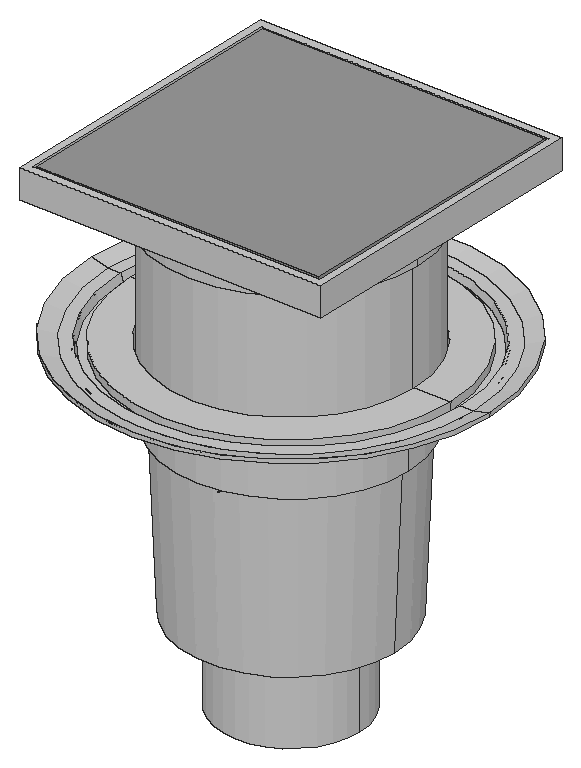
Revit family "HL_Дворовый трап серии Perfekt_HL616W", category Instalační zařizovací předměty, Revit 2016
Family settings
  Typ součásti = Normální
  Kóta kulaté spojky = Použít průměr
  Číslo OmniClass = 23.70.50.21.24.14
  Nadpis OmniClass = Deck Waste Water Drains
  Založené na pracovní rovině = Ne
  Vždy vertikální = Ano
  Ořezat dutým tvarem při načtení = Ne
  Sdílené = Ne
  Bod výpočtu místnosti = Ano
Parameters (values of type "HL_Дворовый трап серии Perfekt_HL616W_1")
  РЕШЁТКА = "Gusseisen 226 x 226 mm"
  РАЗМЕР = "DN110"
  ПРОПУСКНАЯ СПОСОБНОСТЬ [instance] = 0.0 L/s
  ПРОИЗВОДИТЕЛЬНОСТЬ = "2,1 l/s"
  ПРАВОВАЯ ИНФОРМАЦИЯ = "\"Авторские права(©), права на дизайн или какие либо другие права интелектуальной собственности являются исключительной собственностью компании HL Hutterer & Lechner. Изменению не подлежит. Файл семейства с данными о прозводителе изделия защищен паролем с водяным знаком.\""
  НОМИНАЛЬНЫЙ ДИАМЕТР = 110 mm
  НАСАДКА = "42-130 mm/240 x 240 mm"
  МАТЕРИАЛ = "PP"
  МАКСИМАЛЬНАЯ НАГРУЗКА КЛАССА = "L - 1,5 t"
  ВЫСОТА МОНТАЖА = "239 mm"
  ВЕС = "7,38 kg"
  Výrobce = "HL Hutterer & Lechner GmbH"
  URL = "http://www.hutterer-lechner.com/ru/products/catalog/roof-drains/HL616W/1.aspx"
  Материал плитка [instance] = none
  Připojení ventilace = no
  Připojení odpadu = yes
  Připojení HW = no
  Připojení CW = no
  Popis = "Дворовый трап серии Perfekt DN110 вертикальный"
  Model = "HL616W/1"
  Assembly Code = " "
  Komentáře k typům = "Дворовый трап серии Perfekt DN110 вертикальный с обжимным фланцем, 240х240мм ПП/226х226мм чугун с водяным затвором."
  Keynote = "HL616W/1"
  IH [instance] = Высота монтажа 1 + Высота монтажа 2  # 130 mm
  Высота монтажа 2 [instance] = 0 mm
  Высота монтажа 1 [instance] = 130 mm
  G [instance] = 180.00°  # constant formula
  EAN = "9003076011315"
  D [instance] = IH + 165 mm  # 295 mm
  C [instance] = if(IH - 68 mm < 0 mm, 0 mm, IH - 68 mm)  # 62 mm
  B [instance] = 100 mm
  A [instance] = if(B - 100 mm > 15 mm, B - 100 mm, 15 mm)  # 15 mm
Types (3, lengths in mm): name | РАЗМЕР | НОМИНАЛЬНЫЙ ДИАМЕТР | ВЕС | URL | Popis | Model | Komentáře k typům | Keynote | EAN
  (no name) | "DN110" | 110 | "7,38 kg" | "http://www.hutterer-lechner.com/en/products/catalog/roof-drains/HL616W/1.aspx" | 0 | "HL616W/1" | "perfect-drain DN110 vertical with flange, 240x240mm plastic/226x226mm cast iron with trap seal" | "HL616W/1" | "9003076011315"
  HL_Дворовый трап серии Perfekt_HL616W_1 | "DN110" | 110 | "7,38 kg" | "http://www.hutterer-lechner.com/ru/products/catalog/roof-drains/HL616W/1.aspx" | "Дворовый трап серии Perfekt DN110 вертикальный" | "HL616W/1" | "Дворовый трап серии Perfekt DN110 вертикальный с обжимным фланцем, 240х240мм ПП/226х226мм чугун с водяным затвором." | "HL616W/1" | "9003076011315"
  HL_Дворовый трап серии Perfekt_HL616W_5 | "DN160" | 160 | "7,386 kg" | "http://www.hutterer-lechner.com/ru/products/catalog/roof-drains/HL616W/5.aspx" | "Дворовый трап серии Perfekt DN160 вертикальный" | "HL616W/5" | "Дворовый трап серии Perfekt DN160 вертикальный с обжимным фланцем, 240х240мм ПП/226х226мм чугун с водяным затвором." | "HL616W/5" | "9003076011339"
Values of the unnamed type that differ from the named types
  ПРАВОВАЯ ИНФОРМАЦИЯ = "\"Copyright (©), design rights or any other intellectual property rights, shall be the exclusive property of HL Hutterer & Lechner GmbH. Modification is not allowed. Family has been watermarked.\""
Reference planes
  plane 1 "Center (Front/Back)": y = 0
  plane 2: z = 0
  plane 3 "Center (Left/Right)": x = 0
  plane 4: z = -100
  plane 5: z = -130
  plane 6: z = -130
Lines and regions (mm)
  model lines, style "InvisibleLines"
    curve 1: line (0, 0, 0) -> (0, 0, 20)
  model lines, style "PlumbingFixtures", detail levels coarse+medium
    curve 2: line (0, 0, -100) -> (0, 0, -85)
    curve 3: line (0, 0, -85) -> (-85, 0, 0)
    curve 4: line (0, 0, -85) -> (85, 0, 0)
    curve 6: line (0, 0, -100) -> (0, 0, -395)
  reference lines, not visible
    curve 5: line (0, 0, -100) -> (0, 0, -395)
  symbolic lines, style "PlumbingFixtures", detail levels coarse+medium
    curve 7: line (-75, 75, 0) -> (75, 75, 0)
    curve 8: line (-75, -75, 0) -> (-75, 75, 0)
    curve 9: line (75, -75, 0) -> (-75, -75, 0)
    curve 10: line (75, 75, 0) -> (75, -75, 0)
    curve 11: line (-75, 75, 0) -> (-145.711, 145.711, 0)
    curve 12: line (75, 75, 0) -> (145.711, 145.711, 0)
    curve 13: line (-75, -75, 0) -> (-145.711, -145.711, 0)
    curve 14: line (75, -75, 0) -> (145.711, -145.711, 0)
  symbolic lines, style "PlumbingFixtures", not visible, detail levels coarse+medium
    curve 15: line (-75, 75, 0) -> (75, 75, 0)
    curve 16: line (-75, -75, 0) -> (-75, 75, 0)
    curve 17: line (75, -75, 0) -> (-75, -75, 0)
    curve 18: line (75, 75, 0) -> (75, -75, 0)
    curve 19: line (-75, 75, 0) -> (-145.711, 145.711, 0)
    curve 20: line (75, 75, 0) -> (145.711, 145.711, 0)
    curve 21: line (-75, -75, 0) -> (-145.711, -145.711, 0)
    curve 22: line (75, -75, 0) -> (145.711, -145.711, 0)
Text (mm)
  text "FLOOR" at (-162.344, 0, -10.979), in view "Слева"
Dimensions and locks
  "B": plane 2 to plane 4
  "IH": plane 2 to plane 5
  "A": curve 4 to plane 4
  "D": curve 5 to curve 5
  "D": curve 6 to curve 6
  "Высота монтажа 1": plane 2 to plane 6
  locked: curve 4 to plane 3 "Center (Left/Right)" (angle 45.00°)
  locked: plane 3 "Center (Left/Right)" to curve 3 (angle 45.00°)
  "G": angle curve 5 to plane 3 "Center (Left/Right)"
  aligned and locked: level to plane 2
  aligned and locked: plane 2 to curve 4
  aligned and locked: plane 2 to curve 3
  aligned and locked: plane 4 to curve 5
  aligned and locked: plane 3 "Center (Left/Right)" to curve 5
  aligned and locked: plane 4 to curve 2
  aligned and locked: plane 3 "Center (Left/Right)" to curve 6
  aligned and locked: plane 4 to curve 6
  aligned and locked: nested 1 to plane 3 "Center (Left/Right)"
  aligned and locked: nested 1 to plane 5
  aligned and locked: plane 3 "Center (Left/Right)" to nested 2
  aligned and locked: plane 2 to nested 2
  aligned and locked: plane 3 "Center (Left/Right)" to nested 3
  aligned and locked: nested 3 to nested 2
  aligned and locked: nested 4 to plane 3 "Center (Left/Right)"
  aligned and locked: nested 1 to nested 4
Automatic sketch dimensions
  curve 2 to plane 3 "Center (Left/Right)" = 0 mm
  curve 1 to plane 3 "Center (Left/Right)" = 0 mm
  curve 1 to level = 0 mm
  curve 1 to curve 1 = 20 mm
Nested families
  nested 1: "HL-кровельные воронки - корпус-HL616K" at (0, 0, -129.974), type "HL-кровельные воронки - корпус-HL616K_1"
  nested 2: "HL-Надставные элементы-HL621" at (0, 0, 0), Высота монтажа <- "Высота монтажа 1", type "HL-Надставные элементы-HL621"
    with Высота монтажа 130 mm, a 100 mm, Ihmin 42 mm, Ihmax 130 mm
  nested 3: "HL-Песколовка-HL0606.2E" at (0, 0, -22.999), type "HL-Песколовка-HL0606.2E"
  nested 4: "HL-Вкладыш запахозапирающий-HL0605.2E" at (0, 0, -190.474), type "HL-Вкладыш запахозапирающий-HL0605.2E"
Connectors
  piping at (0, 0, -395), diameter 110, driven by "ПРОПУСКНАЯ СПОСОБНОСТЬ", driven by "НОМИНАЛЬНЫЙ ДИАМЕТР"
    settings: on curve 5, index 1, connector inside diameter 609.6 mm, connector length 0 mm, flow factor 0, pipe flow 0.0 L/s, pressure drop 0.0 Pa, fitting loss kfactor 0, connector angle 0.00°, fixture units 0, engagement length 0 mm, angle of deflection 0.00°, flow configuration 1, flow direction 2, fitting loss method 0, system type 16, joint type 0, gender type 0, connector reference index -1, connector utility 0, adjustable connector yes, is connector primary yes, connector description ""
Definition of nested family "HL-кровельные воронки - корпус-HL616K"
  Parameters
    РАЗМЕР = ""
    ПРАВОВАЯ ИНФОРМАЦИЯ = ""
    НОМИНАЛЬНЫЙ ДИАМЕТР = 110 mm
    МАТЕРИАЛ = ""
    ВЫСОТА МОНТАЖА = ""
    ВЕС = ""
    a = if(НОМИНАЛЬНЫЙ ДИАМЕТР = 11 mm, 62 mm, 67 mm)  # 67 mm
    Height = 0 mm
    Manufacturer = ""
    URL = ""
    Description = ""
    ND = НОМИНАЛЬНЫЙ ДИАМЕТР / 2  # 55 mm
    Model = ""
    материал = none
    Type Comments = ""
    Keynote = ""
    EAN = ""
    Cost = 0
  Types (3, lengths in mm): name | РАЗМЕР | ПРАВОВАЯ ИНФОРМАЦИЯ | МАТЕРИАЛ | ВЫСОТА МОНТАЖА | ВЕС | Manufacturer | URL | Description | Model | Type Comments | Keynote | EAN
    (no name) | "" | "" | "" | "" | "" | "" | "" | "" | "" | "" | "" | ""
    HL-кровельные воронки - корпус-HL616K_1 | "DN110" | "\"Авторские права(©), права на дизайн или какие либо другие права интелектуальной собственности являются исключительной собственностью компании HL Hutterer & Lechner. Изменению не подлежит. Файл семейства с данными о прозводителе изделия защищен паролем с водяным знаком.\"" | "PP" | "197 mm" | "0,652 kg" | "HL Hutterer & Lechner GmbH" | "http://www.hutterer-lechner.com/ru/products/catalog/roof-drains/HL616K/1.aspx" | "Дворовый трап серии Perfekt DN110 вертикальный" | "HL616K/1" | "Корпус дворового трапа серии Perfekt DN110 вертикальный с обжимным фланцем." | "HL616K/1" | "9003076010639"
    HL-кровельные воронки - корпус-HL616K_5 | "DN160" | "\"Авторские права(©), права на дизайн или какие либо другие права интелектуальной собственности являются исключительной собственностью компании HL Hutterer & Lechner. Изменению не подлежит. Файл семейства с данными о прозводителе изделия защищен паролем с водяным знаком.\"" | "PP" | "197 mm" | "0,658 kg" | "HL Hutterer & Lechner GmbH" | "http://www.hutterer-lechner.com/ru/products/catalog/roof-drains/HL616K/5.aspx" | "Дворовый трап серии Perfekt DN160 вертикальный" | "HL616K/5" | "Корпус дворового трапа серии Perfekt DN160 вертикальный с обжимным фланцем." | "HL616K/5" | "9003076010677"
  Reference planes
    plane 1 "Střed (vpředu/vzadu)": y = 0
    plane 2: z = 0
    plane 3 "Střed (vlevo/vpravo)": x = 0
    plane 4: z = -198
  Forms (mm)
    Revolve 1, solid, material <- "материал", detail levels fine
      sketch origin (0, 0, 0) x (1, 0, 0) y (0, 0, 1)
        loop
          line (158.746, -0.026) -> (145.781, -3.5) -> (135.781, -3.5) -> (134.096, -9.367) -> (127.541, -9.367) -> (127.541, -3.5) -> (99.151, -3.5) -> (99.151, -25.5) -> (90, -25.5) -> (90, -60.5) -> (85.551, -60.5) -> (79.463, -194) -> (51.105, -194) -> (51.105, -198) -> (83.393, -198) -> (89.481, -64.5) -> (94.013, -64.5) -> (94.013, -34.2) -> (103.091, -34.2) -> (103.091, -12.303) -> (134.671, -12.303)
          arc (134.671, -12.303) -> (136.701, -11.463) -> (137.542, -9.433) r 2.871
          line (137.542, -9.433) -> (137.542, -6.409) -> (146.262, -6.409) -> (158.746, -3.064) -> (158.746, -0.026)
        axis (0, -198) -> (0, -0.026)
      angle from 0 to 360
    Revolve 2, solid, material <- "материал", detail levels fine
      sketch origin (0, 0, 0) x (1, 0, 0) y (0, 0, 1)
        loop
          line (0, -198) -> (0, -265) -> (55, -265) -> (55, -198) -> (0, -198)
        axis (0, -198) -> (0, -265)
      angle from 0 to 360
  Dimensions and locks
    locked: plane 2 to plane 4 at 198
    "ND": Revolve 2 sketch curve to plane 3 "Střed (vlevo/vpravo)"
    "a": plane 4 to Revolve 2 sketch curve
    aligned and locked: level to plane 2
  Automatic sketch dimensions
    Revolve 1 sketch curve to plane 3 "Střed (vlevo/vpravo)" = 0 mm
    Revolve 1 sketch curve to plane 4 = 0 mm
    plane 4 to Revolve 1 sketch curve = 4 mm
    plane 3 "Střed (vlevo/vpravo)" to Revolve 1 sketch curve = 51.105 mm
    Revolve 1 sketch curve to Revolve 1 sketch curve = 28.358 mm
    Revolve 1 sketch curve to Revolve 1 sketch curve = 3.93 mm  (x2)
    plane 3 "Střed (vlevo/vpravo)" to Revolve 1 sketch curve = 85.551 mm
    Revolve 1 sketch curve to Revolve 1 sketch curve = 0.519 mm
    Revolve 1 sketch curve to Revolve 1 sketch curve = 4.013 mm
    Revolve 1 sketch curve to level = 3.5 mm  (x2)
    Revolve 1 sketch curve to Revolve 1 sketch curve = 9.151 mm
    Revolve 1 sketch curve to Revolve 1 sketch curve = 3.941 mm
    Revolve 1 sketch curve to Revolve 1 sketch curve = 24.449 mm
    Revolve 1 sketch curve to Revolve 1 sketch curve = 6.555 mm
    Revolve 1 sketch curve to Revolve 1 sketch curve = 0.575 mm
    Revolve 1 sketch curve to Revolve 1 sketch curve = 1.11 mm
    Revolve 1 sketch curve to Revolve 1 sketch curve = 1.761 mm
    Revolve 1 sketch curve to Revolve 1 sketch curve = 8.239 mm
    Revolve 1 sketch curve to Revolve 1 sketch curve = 0.481 mm
    Revolve 1 sketch curve to level = 0.026 mm
    Revolve 1 sketch curve to Revolve 1 sketch curve = 12.965 mm
    Revolve 1 sketch curve to Revolve 1 sketch curve = 61 mm
    Revolve 1 sketch curve to Revolve 1 sketch curve = 4 mm
    Revolve 1 sketch curve to Revolve 1 sketch curve = 26.3 mm
    Revolve 1 sketch curve to Revolve 1 sketch curve = 8.7 mm
    Revolve 1 sketch curve to Revolve 1 sketch curve = 8.804 mm
    Revolve 1 sketch curve to Revolve 1 sketch curve = 0.066 mm
    Revolve 1 sketch curve to Revolve 1 sketch curve = 3.024 mm
    Revolve 1 sketch curve to Revolve 1 sketch curve = 3.038 mm
    level to Revolve 1 sketch curve = 9.5 mm
    Revolve 1 sketch curve to Revolve 1 sketch curve = 50 mm
    Revolve 2 sketch curve to plane 3 "Střed (vlevo/vpravo)" = 0 mm  (x2)
    Revolve 2 sketch curve to plane 4 = 0 mm
    Revolve 2 sketch curve to Revolve 2 sketch curve = 15 mm
    Revolve 2 sketch curve to Revolve 2 sketch curve = 25 mm
Definition of nested family "HL-Надставные элементы-HL621"
  Parameters (values of type "HL-Надставные элементы-HL621")
    РЕШЁТКА = "Gusseisen 226x226mm"
    РАЗМЕР = "d 195mm"
    ПРАВОВАЯ ИНФОРМАЦИЯ = "\"Авторские права(©), права на дизайн или какие либо другие права интелектуальной собственности являются исключительной собственностью компании HL Hutterer & Lechner. Изменению не подлежит. Файл семейства с данными о прозводителе изделия защищен паролем с водяным знаком.\""
    НАСАДКА = "240x240mm"
    МАТЕРИАЛ = "PP, Gusseisen"
    МАКСИМАЛЬНАЯ НАГРУЗКА КЛАССА = "L - 1,5 t"
    ВЫСОТА МОНТАЖА = "144 mm"
    ВЕС = "6,51 [kg]"
    a [instance] = if(Высота монтажа < Ihmin, -10 mm, if(Высота монтажа > Ihmax, -10 mm, Высота монтажа - 30 mm))  # 100 mm
    Manufacturer = "HL Hutterer & Lechner GmbH"
    URL = "http://www.hutterer-lechner.com/ru/products/catalog/roof-drains/HL621.aspx"
    Description = "Надставные элементы"
    Model = "HL621"
    материал 2 = none
    материал = none
    Type Comments = "Насадка d 195мм/240х240мм/226х226мм чугун"
    Keynote = "HL621"
    Высота монтажа [instance] = 130 mm
    Ihmin [instance] = 42 mm
    Ihmax [instance] = 130 mm
    EAN = "9003076014644"
    Cost = 0
  Values of the unnamed type that differ from the named types
    РЕШЁТКА = ""
    РАЗМЕР = ""
    ПРАВОВАЯ ИНФОРМАЦИЯ = ""
    НАСАДКА = ""
    МАТЕРИАЛ = ""
    МАКСИМАЛЬНАЯ НАГРУЗКА КЛАССА = ""
    ВЫСОТА МОНТАЖА = ""
    ВЕС = ""
    Manufacturer = ""
    URL = ""
    Description = ""
    Model = ""
    Type Comments = ""
    Keynote = ""
    EAN = ""
  Reference planes
    plane 1 "Střed (vpředu/vzadu)": y = 0
    plane 2: z = 0
    plane 3 "Střed (vlevo/vpravo)": x = 0
    plane 4: z = -45
    plane 5: z = -145
  Forms (mm)
    Extrusion 1, solid, material <- "материал", detail levels fine
      sketch origin (0, 0, 0) x (1, 0, 0) y (0, 1, 0)
        loop
          line (-112.5, 112.5) -> (-112.5, -112.5) -> (112.5, -112.5) -> (112.5, 112.5) -> (-112.5, 112.5)
      from 0 to -20
    Extrusion 2, solid, material <- "материал 2", detail levels fine
      sketch origin (0, 0, 0) x (1, 0, 0) y (0, 1, 0)
        loop
          line (114.5, -114.5) -> (114.5, 114.5) -> (-114.5, 114.5) -> (-114.5, -114.5) -> (114.5, -114.5)
        loop
          line (-120, 120) -> (-120, -120) -> (120, -120) -> (120, 120) -> (-120, 120)
      from 0 to -20
    Extrusion 3, solid, material <- "материал 2", detail levels fine
      sketch origin (0, 0, 0) x (1, 0, 0) y (0, 1, 0)
        loop
          line (120, -120) -> (120, 120) -> (-120, 120) -> (-120, -120) -> (120, -120)
      from -20 to -23
    Revolve 4, solid, material <- "материал 2", detail levels fine
      sketch origin (0, 0, 0) x (1, 0, 0) y (0, 0, 1)
        loop
          line (0, -23) -> (-101.5, -23) -> (-101.5, -45) -> (0, -45) -> (0, -23)
        axis (0, -45) -> (0, -23)
      angle from 0 to 360
    Revolve 5, solid, material <- "материал 2", detail levels fine
      sketch origin (0, 0, 0) x (1, 0, 0) y (0, 0, 1)
        loop
          line (0, -45) -> (0, -145) -> (97.213, -145) -> (97.213, -45) -> (0, -45)
        axis (0, -45) -> (0, -145)
      angle from 0 to 360
  Cuts and joins
    joined: Extrusion 2, Extrusion 3
  Lines and regions (mm)
    model lines, detail levels fine
      curve 1: line (10.96, 46.315, 0) -> (45.608, 80.964, 0)
      curve 2: line (56.215, 70.357, 0) -> (21.567, 35.709, 0)
      curve 3: line (35.709, 21.567, 0) -> (70.357, 56.215, 0)
      curve 4: line (80.964, 45.608, 0) -> (46.315, 10.96, 0)
      curve 5: line (92, 7.5, 0) -> (72.5, 7.5, 0)
      curve 6: line (92, -7.5, 0) -> (72.5, -7.5, 0)
      curve 7: arc (92, -7.5, 0) -> (99.5, 0, 0) -> (92, 7.5, 0) r 7.5
      curve 8: arc (72.5, -7.5, 0) -> (65, 0, 0) -> (72.5, 7.5, 0) r 7.5
      curve 9: arc (80.964, 45.608, 0) -> (80.964, 56.215, 0) -> (70.357, 56.215, 0) r 7.5
      curve 10: arc (56.215, 70.357, 0) -> (56.215, 80.964, 0) -> (45.608, 80.964, 0) r 7.5
      curve 11: arc (21.567, 35.709, 0) -> (10.96, 35.709, 0) -> (10.96, 46.315, 0) r 7.5
      curve 12: arc (46.315, 10.96, 0) -> (35.709, 10.96, 0) -> (35.709, 21.567, 0) r 7.5
      curve 13: line (7.5, 92, 0) -> (7.5, 72.5, 0)
      curve 14: line (-7.5, 92, 0) -> (-7.5, 72.5, 0)
      curve 15: arc (-7.5, 92, 0) -> (0, 99.5, 0) -> (7.5, 92, 0) r 7.5
      curve 16: arc (-7.5, 72.5, 0) -> (0, 65, 0) -> (7.5, 72.5, 0) r 7.5
      curve 17: line (7.5, -92, 0) -> (7.5, -72.5, 0)
      curve 18: line (-7.5, -92, 0) -> (-7.5, -72.5, 0)
      curve 19: arc (-7.5, -92, 0) -> (0, -99.5, 0) -> (7.5, -92, 0) r 7.5
      curve 20: arc (-7.5, -72.5, 0) -> (0, -65, 0) -> (7.5, -72.5, 0) r 7.5
      curve 21: line (92, -7.5, 0) -> (72.5, -7.5, 0)
      curve 22: line (92, 7.5, 0) -> (72.5, 7.5, 0)
      curve 23: arc (92, 7.5, 0) -> (99.5, 0, 0) -> (92, -7.5, 0) r 7.5
      curve 24: arc (72.5, 7.5, 0) -> (65, 0, 0) -> (72.5, -7.5, 0) r 7.5
      curve 25: line (-92, -7.5, 0) -> (-72.5, -7.5, 0)
      curve 26: arc (-92, -7.5, 0) -> (-99.5, 0, 0) -> (-92, 7.5, 0) r 7.5
      curve 27: arc (-72.5, -7.5, 0) -> (-65, 0, 0) -> (-72.5, 7.5, 0) r 7.5
      curve 28: line (-92, -7.5, 0) -> (-72.5, -7.5, 0)
      curve 29: line (-92, 7.5, 0) -> (-72.5, 7.5, 0)
      curve 30: arc (-92, 7.5, 0) -> (-99.5, 0, 0) -> (-92, -7.5, 0) r 7.5
      curve 31: arc (-72.5, 7.5, 0) -> (-65, 0, 0) -> (-72.5, -7.5, 0) r 7.5
      curve 32: line (-10.96, 46.315, 0) -> (-45.608, 80.964, 0)
      curve 33: line (-56.215, 70.357, 0) -> (-21.567, 35.709, 0)
      curve 34: line (-35.709, 21.567, 0) -> (-70.357, 56.215, 0)
      curve 35: line (-80.964, 45.608, 0) -> (-46.315, 10.96, 0)
      curve 36: arc (-80.964, 45.608, 0) -> (-80.964, 56.215, 0) -> (-70.357, 56.215, 0) r 7.5
      curve 37: arc (-56.215, 70.357, 0) -> (-56.215, 80.964, 0) -> (-45.608, 80.964, 0) r 7.5
      curve 38: arc (-21.567, 35.709, 0) -> (-10.96, 35.709, 0) -> (-10.96, 46.315, 0) r 7.5
      curve 39: arc (-46.315, 10.96, 0) -> (-35.709, 10.96, 0) -> (-35.709, 21.567, 0) r 7.5
      curve 40: line (10.96, -46.315, 0) -> (45.608, -80.964, 0)
      curve 41: line (56.215, -70.357, 0) -> (21.567, -35.709, 0)
      curve 42: line (35.709, -21.567, 0) -> (70.357, -56.215, 0)
      curve 43: line (80.964, -45.608, 0) -> (46.315, -10.96, 0)
      curve 44: arc (80.964, -45.608, 0) -> (80.964, -56.215, 0) -> (70.357, -56.215, 0) r 7.5
      curve 45: arc (56.215, -70.357, 0) -> (56.215, -80.964, 0) -> (45.608, -80.964, 0) r 7.5
      curve 46: arc (21.567, -35.709, 0) -> (10.96, -35.709, 0) -> (10.96, -46.315, 0) r 7.5
      curve 47: arc (46.315, -10.96, 0) -> (35.709, -10.96, 0) -> (35.709, -21.567, 0) r 7.5
      curve 48: line (-10.96, -46.315, 0) -> (-45.608, -80.964, 0)
      curve 49: line (-56.215, -70.357, 0) -> (-21.567, -35.709, 0)
      curve 50: line (-35.709, -21.567, 0) -> (-70.357, -56.215, 0)
      curve 51: line (-80.964, -45.608, 0) -> (-46.315, -10.96, 0)
      curve 52: arc (-80.964, -45.608, 0) -> (-80.964, -56.215, 0) -> (-70.357, -56.215, 0) r 7.5
      curve 53: arc (-56.215, -70.357, 0) -> (-56.215, -80.964, 0) -> (-45.608, -80.964, 0) r 7.5
      curve 54: arc (-21.567, -35.709, 0) -> (-10.96, -35.709, 0) -> (-10.96, -46.315, 0) r 7.5
      curve 55: arc (-46.315, -10.96, 0) -> (-35.709, -10.96, 0) -> (-35.709, -21.567, 0) r 7.5
  Dimensions and locks
    locked: plane 2 to plane 4 at 45
    "a": plane 4 to Revolve 5 sketch curve
    locked: plane 2 to plane 5 at 145
    aligned and locked: level to plane 2
    aligned and locked: plane 4 to Revolve 5 sketch curve
  Automatic sketch dimensions
    curve 7 to curve 23 = 0 mm  (x2)
    curve 8 to curve 24 = 0 mm  (x2)
    curve 26 to curve 30 = 0 mm  (x2)
    curve 27 to curve 31 = 0 mm  (x2)
    plane 1 "Střed (vpředu/vzadu)" to curve 26 = 0 mm
    curve 16 to plane 3 "Střed (vlevo/vpravo)" = 0 mm
    curve 20 to plane 3 "Střed (vlevo/vpravo)" = 0 mm
    plane 1 "Střed (vpředu/vzadu)" to curve 24 = 0 mm
    curve 18 to plane 3 "Střed (vlevo/vpravo)" = 7.5 mm
    curve 14 to plane 3 "Střed (vlevo/vpravo)" = 7.5 mm
    curve 32 to plane 3 "Střed (vlevo/vpravo)" = 10.96 mm
    curve 48 to plane 3 "Střed (vlevo/vpravo)" = 10.96 mm
    curve 54 to curve 54 = 5.303 mm  (x2)
    curve 38 to curve 38 = 5.303 mm  (x2)
    curve 49 to curve 54 = 5.303 mm
    curve 33 to curve 38 = 5.303 mm
    curve 34 to curve 33 = 14.142 mm
    curve 50 to curve 49 = 14.142 mm
    curve 39 to curve 34 = 5.303 mm
    curve 55 to curve 50 = 5.303 mm
    curve 48 to curve 20 = 38.108 mm
    curve 32 to curve 14 = 38.108 mm
    curve 35 to plane 1 "Střed (vpředu/vzadu)" = 10.96 mm
    curve 35 to curve 39 = 5.303 mm
    plane 1 "Střed (vpředu/vzadu)" to curve 51 = 10.96 mm
    curve 51 to curve 55 = 5.303 mm
    curve 53 to curve 48 = 5.303 mm
    curve 37 to curve 32 = 5.303 mm
    curve 49 to curve 53 = 5.303 mm
    curve 33 to curve 37 = 5.303 mm  (x2)
    curve 34 to curve 37 = 14.142 mm
    curve 50 to curve 53 = 14.142 mm
    curve 27 to curve 39 = 26.185 mm
    curve 36 to curve 34 = 5.303 mm
    curve 52 to curve 50 = 5.303 mm
    curve 35 to plane 1 "Střed (vpředu/vzadu)" = 45.608 mm
    curve 35 to curve 36 = 5.303 mm  (x2)
    plane 1 "Střed (vpředu/vzadu)" to curve 51 = 45.608 mm
    curve 51 to curve 52 = 5.303 mm
    plane 1 "Střed (vpředu/vzadu)" to curve 28 = 7.5 mm
    curve 28 to curve 25 = 19.5 mm
    plane 3 "Střed (vlevo/vpravo)" to curve 1 = 10.96 mm
    plane 3 "Střed (vlevo/vpravo)" to curve 40 = 10.96 mm
    curve 11 to curve 11 = 5.303 mm
    curve 46 to curve 46 = 5.303 mm  (x2)
    curve 11 to curve 2 = 5.303 mm
    curve 46 to curve 41 = 5.303 mm
    curve 2 to curve 3 = 14.142 mm
    curve 41 to curve 42 = 14.142 mm  (x3)
    curve 42 to curve 47 = 5.303 mm
    curve 3 to curve 12 = 5.303 mm
    curve 13 to curve 1 = 38.108 mm
    curve 17 to curve 40 = 38.108 mm
    plane 1 "Střed (vpředu/vzadu)" to curve 43 = 10.96 mm
    curve 47 to curve 43 = 5.303 mm
    curve 4 to plane 1 "Střed (vpředu/vzadu)" = 10.96 mm
    curve 12 to curve 4 = 5.303 mm
    curve 1 to curve 10 = 5.303 mm
    curve 40 to curve 45 = 5.303 mm
    curve 45 to curve 41 = 5.303 mm  (x2)
    curve 10 to curve 2 = 5.303 mm
    curve 10 to curve 3 = 14.142 mm
    curve 43 to curve 24 = 26.185 mm
    curve 42 to curve 44 = 5.303 mm
    curve 3 to curve 9 = 5.303 mm
    plane 1 "Střed (vpředu/vzadu)" to curve 43 = 45.608 mm
    curve 44 to curve 43 = 5.303 mm
    curve 4 to plane 1 "Střed (vpředu/vzadu)" = 45.608 mm
    curve 9 to curve 4 = 5.303 mm
    curve 5 to plane 1 "Střed (vpředu/vzadu)" = 7.5 mm
    curve 22 to curve 5 = 19.5 mm
    plane 1 "Střed (vpředu/vzadu)" to curve 48 = 46.315 mm
    curve 48 to curve 40 = 0 mm
    curve 52 to curve 52 = 5.303 mm
    curve 44 to curve 44 = 5.303 mm
    curve 49 to curve 50 = 14.142 mm
    curve 17 to curve 40 = 26.185 mm
    curve 53 to curve 49 = 5.303 mm
    curve 17 to curve 20 = 19.5 mm
    curve 42 to curve 47 = 10.607 mm
    curve 50 to curve 51 = 10.607 mm
    curve 4 to curve 12 = 5.303 mm
    curve 39 to curve 39 = 5.303 mm
    curve 39 to curve 33 = 14.142 mm
    curve 12 to curve 2 = 14.142 mm
    curve 2 to curve 11 = 5.303 mm
    curve 9 to curve 9 = 5.303 mm
    curve 3 to curve 2 = 14.142 mm
    curve 36 to curve 33 = 14.142 mm
    curve 11 to curve 13 = 26.185 mm
    curve 2 to curve 10 = 5.303 mm
    curve 14 to curve 14 = 19.5 mm
    Extrusion 1 sketch curve to plane 3 "Střed (vlevo/vpravo)" = 112.5 mm
    plane 3 "Střed (vlevo/vpravo)" to Extrusion 1 sketch curve = 112.5 mm
    plane 1 "Střed (vpředu/vzadu)" to Extrusion 1 sketch curve = 112.5 mm
    Extrusion 1 sketch curve to plane 1 "Střed (vpředu/vzadu)" = 112.5 mm
    Extrusion 2 sketch curve to plane 3 "Střed (vlevo/vpravo)" = 120 mm
    Extrusion 2 sketch curve to Extrusion 2 sketch curve = 5.5 mm  (x4)
    plane 3 "Střed (vlevo/vpravo)" to Extrusion 2 sketch curve = 114.5 mm
    plane 1 "Střed (vpředu/vzadu)" to Extrusion 2 sketch curve = 120 mm
    Extrusion 2 sketch curve to plane 1 "Střed (vpředu/vzadu)" = 114.5 mm
    Extrusion 3 sketch curve to plane 3 "Střed (vlevo/vpravo)" = 120 mm
    plane 3 "Střed (vlevo/vpravo)" to Extrusion 3 sketch curve = 120 mm
    plane 1 "Střed (vpředu/vzadu)" to Extrusion 3 sketch curve = 120 mm
    Extrusion 3 sketch curve to plane 1 "Střed (vpředu/vzadu)" = 120 mm
    Revolve 4 sketch curve to plane 4 = 0 mm
    Revolve 4 sketch curve to plane 3 "Střed (vlevo/vpravo)" = 0 mm  (x2)
    plane 4 to Revolve 4 sketch curve = 22 mm
    Revolve 4 sketch curve to plane 3 "Střed (vlevo/vpravo)" = 101.5 mm
    level to Revolve 4 sketch curve = 32 mm
    Revolve 4 sketch curve to Revolve 4 sketch curve = 90 mm
    Revolve 5 sketch curve to plane 3 "Střed (vlevo/vpravo)" = 0 mm  (x2)
    plane 3 "Střed (vlevo/vpravo)" to Revolve 5 sketch curve = 97.213 mm
    Revolve 5 sketch curve to Revolve 5 sketch curve = 38.999 mm
    Revolve 5 sketch curve to Revolve 5 sketch curve = 140 mm
Definition of nested family "HL-Песколовка-HL0606.2E"
  Parameters (values of type "HL-Песколовка-HL0606.2E")
    ПРАВОВАЯ ИНФОРМАЦИЯ = "\"Авторские права(©), права на дизайн или какие либо другие права интелектуальной собственности являются исключительной собственностью компании HL Hutterer & Lechner. Изменению не подлежит. Файл семейства с данными о прозводителе изделия защищен паролем с водяным знаком.\""
    МАТЕРИАЛ = "PP"
    ВЕС = "0,09 kg"
    Manufacturer = "HL Hutterer & Lechner GmbH"
    URL = "http://www.hutterer-lechner.com/ru/products/catalog/roof-drains/HL0606.2E.aspx"
    Description = "Песколовка"
    Model = "HL0606.2E"
    материал = none
    Type Comments = "Песколовка"
    Keynote = "HL0606.2E"
    EAN = "9003076060627"
    Cost = 0
  Values of the unnamed type that differ from the named types
    ПРАВОВАЯ ИНФОРМАЦИЯ = ""
    МАТЕРИАЛ = ""
    ВЕС = ""
    Manufacturer = ""
    URL = ""
    Description = ""
    Model = ""
    Type Comments = ""
    Keynote = ""
    EAN = ""
  Reference planes
    plane 1 "Střed (vpředu/vzadu)": y = 0
    plane 2: z = 0
    plane 3 "Střed (vlevo/vpravo)": x = 0
  Forms (mm)
    Revolve 1, solid, material <- "материал", detail levels fine
      sketch origin (0, 0, 0) x (1, 0, 0) y (0, 0, 1)
        loop
          line (0, -55.952) -> (0, -58.018) -> (57.601, -56.006)
          arc (57.601, -56.006) -> (65.932, -53.053) -> (69.532, -44.98) r 11.208
          line (69.532, -44.98) -> (72.482, -41.586) -> (75.031, -12.448) -> (75.865, -6.515)
          arc (75.865, -6.515) -> (76.428, -5.156) -> (77.786, -4.594) r 1.921
          line (77.786, -4.594) -> (95.979, -3.002) -> (95.979, -0.001) -> (73.246, -1.99) -> (69.436, -41.391) -> (67.501, -43.326)
          arc (67.501, -43.326) -> (65.111, -51.02) -> (57.603, -53.94) r 9.273
          line (57.603, -53.94) -> (0, -55.952)
        axis (0, -58.018) -> (0, -0.001)
      angle from 0 to 360
  Dimensions and locks
    aligned and locked: level to plane 2
Definition of nested family "HL-Вкладыш запахозапирающий-HL0605.2E"
  Parameters
    ПРАВОВАЯ ИНФОРМАЦИЯ = ""
    МАТЕРИАЛ = ""
    ВЕС = ""
    Manufacturer = ""
    URL = ""
    Description = ""
    Model = ""
    материал 2 = none
    материал = none
    Type Comments = ""
    Keynote = ""
    EAN = ""
    Cost = 0
  Types (2, lengths in mm): name | ПРАВОВАЯ ИНФОРМАЦИЯ | МАТЕРИАЛ | ВЕС | Manufacturer | URL | Description | Model | Type Comments | Keynote | EAN
    (no name) | "" | "" | "" | "" | "" | "" | "" | "" | "" | ""
    HL-Вкладыш запахозапирающий-HL0605.2E | "\"Авторские права(©), права на дизайн или какие либо другие права интелектуальной собственности являются исключительной собственностью компании HL Hutterer & Lechner. Изменению не подлежит. Файл семейства с данными о прозводителе изделия защищен паролем с водяным знаком.\"" | "PP" | "0,192 kg" | "HL Hutterer & Lechner GmbH" | "http://www.hutterer-lechner.com/ru/products/catalog/roof-drains/HL0605.2E.aspx" | "Вкладыш запахозапирающий" | "HL0605.2E" | "Вкладыш водяного затвора комплектный" | "HL0605.2E" | "9003076009725"
  Reference planes
    plane 1 "Střed (vpředu/vzadu)": y = 0
    plane 2: z = 0
    plane 3 "Střed (vlevo/vpravo)": x = 0
  Forms (mm)
    Revolve 1, solid, material <- "материал 2", detail levels fine
      sketch origin (0, 0, 0) x (1, 0, 0) y (0, 0, 1)
        loop
          line (88, -3) -> (88, 0) -> (82.921, 0) -> (82.921, -1.338) -> (78.867, -6.169) -> (78.867, -19.629) -> (76.315, -48.796)
          arc (76.315, -48.796) -> (75.558, -51.125) -> (73.796, -52.827) r 5.066
          line (73.796, -52.827) -> (58.029, -61.938) -> (58.029, -93.034) -> (53.399, -98) -> (41.859, -98) -> (41.859, -83.043) -> (45.35, -83.043) -> (45.35, -33) -> (29.878, -33) -> (29.878, -100) -> (52.94, -100)
          arc (52.94, -100) -> (57.932, -97.932) -> (60, -92.939) r 7.061
          line (60, -92.939) -> (60, -65.894)
          arc (60, -65.894) -> (60.671, -63.394) -> (62.5, -61.564) r 5.003
          line (62.5, -61.564) -> (74.706, -54.511)
          arc (74.706, -54.511) -> (77.106, -52.212) -> (78.174, -49.065) r 6.994
          line (78.174, -49.065) -> (81.088, -15.754) -> (83.996, -15.499) -> (83.996, -12.378)
          arc (83.996, -12.378) -> (85.775, -10) -> (83.996, -7.623) r 2.478
          line (83.996, -7.623) -> (83.996, -3) -> (88, -3)
        axis (0, 0) -> (0, -100)
      angle from 0 to 360
    Revolve 2, solid, material <- "материал", detail levels fine
      sketch origin (0, 0, 0) x (1, 0, 0) y (0, 0, 1)
        loop
          line (47.229, -83.043) -> (47.229, -28.043)
          arc (47.229, -28.043) -> (43.63, -19.353) -> (34.94, -15.754) r 12.289
          line (34.94, -15.754) -> (0, -15.754) -> (0, -48.796) -> (45.35, -48.796) -> (45.35, -83.043) -> (47.229, -83.043)
        axis (0, -83.043) -> (0, -15.754)
      angle from 0 to 360
  Dimensions and locks
    aligned and locked: level to plane 2
